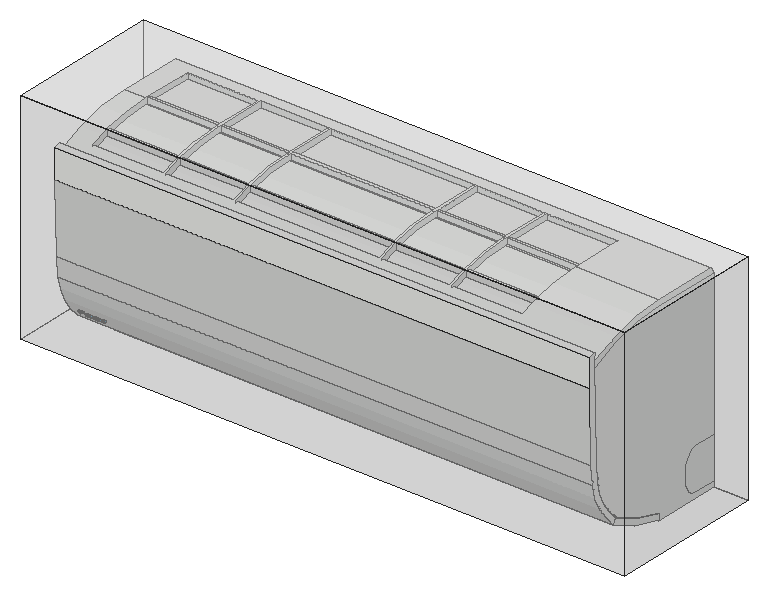
Revit family "outputfile", category 機械設備, Revit 2024
Family settings
  丸型コネクタ寸法 = 半径を使用
  パーツ タイプ = 標準
  OmniClass 番号 = 23.75.10.24.21.27.27
  OmniClass タイトル = Split System Air Conditioning Units
  作業面ベース = いいえ
  常に垂直 = はい
  ロード時にボイドで切り取り = いいえ
  注釈の向きを維持 = いいえ
  共有 = いいえ
  部屋計算ポイント = いいえ
Parameters (values of type "FTKQ15UVM4")
  Description = ""
  書き出し IFC クラス(タイプ) = "IfcUnitaryEquipmentType"
  定義済み IFC タイプ(タイプ) = "AIRCONDITIONINGUNIT"
  Cost = 0
  Type Comments = ""
  Keynote = ""
  Type Image = (empty or 0)
  Assembly Code = ""
  w_wall hole = if(Width = 770.0 mm, 48.0 mm, 60.0 mm)  # 48.0 mm
  製造元 = "Daikin"
  モデル = "FTKQ15UVM4"
  switch_frequency = yes
  r_Liquid Pipe Size = Liquid Pipe Size / 2  # 3.2 mm
  r_Gas Pipe Size = Gas Pipe Size / 2  # 4.75 mm
  r_Drain Pipe Size = Drain Pipe Size / 2  # 8.0 mm
  lw_powersupply [instance] = if(Width = 770.0 mm, if(or(Rear Right Connection_refrigerant, Bottom Right Connection_refrigerant), 25.0 mm, if(or(Rear Left Connection_refrigerant, Bottom Left Connection_refrigerant), 745.0 mm, 400.0 mm)), if(Width = 990.0 mm, if(or(Rear Right Connection_refrigerant, Bottom Right Connection_refrigerant), 40.0 mm, if(or(Rear Left Connection_refrigerant, Bottom Left Connection_refrigerant), 920.0 mm, 400.0 mm)), if(or(Rear Right Connection_refrigerant, Bottom Right Connection_refrigerant), 40.0 mm, if(or(Rear Left Connection_refrigerant, Bottom Left Connection_refrigerant), 920.0 mm, 400.0 mm))))  # 400.0 mm
  lw_liquidpipe [instance] = if(Width = 770.0 mm, if(or(Rear Right Connection_refrigerant, Bottom Right Connection_refrigerant), 0.0 mm, if(or(Rear Left Connection_refrigerant, Bottom Left Connection_refrigerant), 664.0 mm, 385.0 mm)), if(Width = 990.0 mm, if(or(Rear Right Connection_refrigerant, Bottom Right Connection_refrigerant), 0.0 mm, if(or(Rear Left Connection_refrigerant, Bottom Left Connection_refrigerant), 664.0 mm + (990.0 mm - 770.0 mm), 475.0 mm)), if(or(Rear Right Connection_refrigerant, Bottom Right Connection_refrigerant), 0.0 mm, if(or(Rear Left Connection_refrigerant, Bottom Left Connection_refrigerant), 664.0 mm + (990.0 mm - 770.0 mm), 475.0 mm))))  # 385.0 mm
  lw_gaspipe [instance] = if(Width = 770.0 mm, if(or(Rear Right Connection_refrigerant, Bottom Right Connection_refrigerant), 0.0 mm, if(or(Rear Left Connection_refrigerant, Bottom Left Connection_refrigerant), 675.0 mm, if(Gas Pipe Size = 12.7 mm, 345.0 mm, 335.0 mm))), if(Width = 990.0 mm, if(or(Rear Right Connection_refrigerant, Bottom Right Connection_refrigerant), 10.0 mm, if(or(Rear Left Connection_refrigerant, Bottom Left Connection_refrigerant), 890.0 mm, if(Gas Pipe Size = 15.9 mm, 400.0 mm, 400.0 mm))), if(or(Rear Right Connection_refrigerant, Bottom Right Connection_refrigerant), 10.0 mm, if(or(Rear Left Connection_refrigerant, Bottom Left Connection_refrigerant), 890.0 mm, if(Gas Pipe Size = 15.9 mm, 400.0 mm, 400.0 mm)))))  # 335.0 mm
  lw_drainpipe [instance] = if(Width = 770.0 mm, if(or(Rear Right Connection_refrigerant, Bottom Right Connection_refrigerant), 0.0 mm, if(or(Rear Left Connection_refrigerant, Bottom Left Connection_refrigerant), 770.0 mm - 48.0 mm - 48.0 mm, 440.0 mm)), if(Width = 990.0 mm, if(or(Rear Right Connection_refrigerant, Bottom Right Connection_refrigerant), 0.0 mm, if(or(Rear Left Connection_refrigerant, Bottom Left Connection_refrigerant), 675.0 mm + (990.0 mm - 770.0 mm), 435.0 mm)), if(or(Rear Right Connection_refrigerant, Bottom Right Connection_refrigerant), 0.0 mm, if(or(Rear Left Connection_refrigerant, Bottom Left Connection_refrigerant), 675.0 mm + (990.0 mm - 770.0 mm), 435.0 mm))))  # 440.0 mm
  l_powersupply_length [instance] = if(Width = 770.0 mm, if(Right Connection_refrigerant, 400.0 mm, if(Left Connection_refrigerant, 770.0 mm - 400.0 mm, if(or(Rear Left Connection_refrigerant, Rear Right Connection_refrigerant), 15.0 mm, 50.0 mm))), if(Width = 990.0 mm, if(Right Connection_refrigerant, 400.0 mm, if(Left Connection_refrigerant, 990.0 mm - 400.0 mm, if(or(Rear Left Connection_refrigerant, Rear Right Connection_refrigerant), 15.0 mm, 50.0 mm))), if(Right Connection_refrigerant, 400.0 mm, if(Left Connection_refrigerant, 990.0 mm - 400.0 mm, if(or(Rear Left Connection_refrigerant, Rear Right Connection_refrigerant), 15.0 mm, 50.0 mm)))))  # 400.0 mm
  l_liquidpipe_length [instance] = if(Width = 770.0 mm, if(Right Connection_refrigerant, 433.0 mm, if(Left Connection_refrigerant, 337.0 mm, if(or(Rear Left Connection_refrigerant, Rear Right Connection_refrigerant), 30.0 mm, 50.0 mm))), if(Width = 990.0 mm, if(Right Connection_refrigerant, 535.0 mm, if(Left Connection_refrigerant, 455.0 mm, if(or(Rear Left Connection_refrigerant, Rear Right Connection_refrigerant), 30.0 mm, 50.0 mm))), if(Right Connection_refrigerant, 535.0 mm, if(Left Connection_refrigerant, 455.0 mm, if(or(Rear Left Connection_refrigerant, Rear Right Connection_refrigerant), 30.0 mm, 50.0 mm)))))  # 433.0 mm
  l_gaspipe_length [instance] = if(Width = 770.0 mm, if(Right Connection_refrigerant, if(Gas Pipe Size = 12.7 mm, 393.0 mm, 383.0 mm), if(Left Connection_refrigerant, if(Gas Pipe Size = 12.7 mm, 770.0 mm - 393.0 mm, 770.0 mm - 383.0 mm), if(or(Rear Left Connection_refrigerant, Rear Right Connection_refrigerant), 40.0 mm, 40.0 mm))), if(Width = 990.0 mm, if(Right Connection_refrigerant, if(Gas Pipe Size = 15.9 mm, 460.0 mm, 460.0 mm), if(Left Connection_refrigerant, if(Gas Pipe Size = 15.9 mm, 990.0 mm - 460.0 mm, 990.0 mm - 460.0 mm), if(or(Rear Left Connection_refrigerant, Rear Right Connection_refrigerant), 40.0 mm, 40.0 mm))), if(Right Connection_refrigerant, if(Gas Pipe Size = 15.9 mm, 460.0 mm, 460.0 mm), if(Left Connection_refrigerant, if(Gas Pipe Size = 15.9 mm, 990.0 mm - 460.0 mm, 990.0 mm - 460.0 mm), if(or(Rear Left Connection_refrigerant, Rear Right Connection_refrigerant), 40.0 mm, 40.0 mm)))))  # 383.0 mm
  l_drainpipe_length [instance] = if(Width = 770.0 mm, if(Right Connection_refrigerant, 488.0 mm, if(Left Connection_refrigerant, 282.0 mm, if(or(Rear Left Connection_refrigerant, Rear Right Connection_refrigerant), 15.0 mm, 20.0 mm))), if(Width = 990.0 mm, if(Right Connection_refrigerant, 495.0 mm, if(Left Connection_refrigerant, 495.0 mm, if(or(Rear Left Connection_refrigerant, Rear Right Connection_refrigerant), 15.0 mm, 20.0 mm))), if(Right Connection_refrigerant, 495.0 mm, if(Left Connection_refrigerant, 495.0 mm, if(or(Rear Left Connection_refrigerant, Rear Right Connection_refrigerant), 15.0 mm, 20.0 mm)))))  # 488.0 mm
  h*** = 0.0 mm  # constant formula
  connector_voltage = Voltage_50Hz  # 230 V
  connector_powerinput = [Power Input (Cooling)]  # 0.000 kW
  connector_phase = Phase_50Hz  # 1
  angle_vertical [instance] = if(or(Bottom Left Connection_refrigerant, Bottom Right Connection_refrigerant), 0.00°, 90.00°)  # 90.00°
  angle_horizontal [instance] = if(Right Connection_refrigerant, 90.00°, if(Left Connection_refrigerant, -90.00°, if(or(Rear Left Connection_refrigerant, Rear Right Connection_refrigerant), 180.00°, 0.00°)))  # 90.00°
  Width = 770.0 mm
  Voltage_comment_50Hz = "220 - 240"
  Voltage_50Hz = 230 V
  Version = "ver.1.0"
  Unit Type = "Wall Mounted"
  Unit Mass Weight = 8.00 kg
  Unit Designation [instance] = ""
  Uniclass2015Version = "Products v1.30"
  Uniclass2015Title = "Split coil room air conditioning units"
  Uniclass2015Code = "Pr_70_65_03_86"
  URL = ""
  Total Cooling Capacity [instance] = 0.000 kW
  Sound Pressure Level_M speed (dBA) = 32
  Sound Pressure Level_L speed (dBA) = 27
  Sound Pressure Level_H speed (dBA) = 36
  Sound Power Level_H speed (dB) = 0
  Series = "Single Split_Fan Coil Unit"
  Sensible Cooling Capacity [instance] = 0.000 kW
  Refrigerant Type = "R32"
  Power Input (Cooling) = 0.000 kW
  Phase_50Hz = 1
  Option Accessory 3 [instance] = ""
  Option Accessory 2 [instance] = ""
  Option Accessory 1 [instance] = ""
  Nominal Cooling Capacity = 1.500 kW
  Minimum Circuit Amps_50Hz = 0.0 A
  Minimum Airflow = 426.00 m³/h
  Median Airflow = 504.00 m³/h
  Maximum Fuse Amps_50Hz = 0.0 A
  Maximum Airflow = 594.00 m³/h
  Material_Casing = DAIKIN_White_Casing_indoorunit
  Load Classification = HVAC
  Liquid Pipe Size = 6.4 mm
  Link_Nested Family [instance] = ""
  IfcVersion = ""
  IfcExportType = "AIRCONDITIONINGUNIT"
  IfcExportAs = "IfcUnitaryEquipmentType"
  Height = 285.0 mm
  Heat Exchanger Type = "Cross Fin Coil"
  Gas Pipe Size = 9.5 mm
  Frequency_50Hz = 50 Hz
  Fan Type = "Cross Flow Fan"
  Fan Drive = "Direct Drive"
  FCU Tag No. [instance] = ""
  Drain Pipe Size = 16.0 mm
  Design Supply Airflow [instance] = 0.00 m³/h
  Depth = 223.0 mm
  既定の高さ = 0.0 mm
  Cooling Entering Wet Bulb Temperature [instance] = 0.00 °C
  Cooling Entering Dry Bulb Temperature [instance] = 0.00 °C
  Cooling Ambient Wet Bulb Temperature [instance] = 0.00 °C
  Cooling Ambient Dry Bulb Temperature [instance] = 0.00 °C
  Clearance visibility [instance] = yes
  Clearance Top = 30.0 mm
  Clearance Right = 50.0 mm
  Clearance Rear = 0.0 mm
  Clearance Left = 50.0 mm
  Clearance Front = 0.0 mm
  Clearance Bottom = 0.0 mm
  Bottom Right Connection_refrigerant [instance] = no
  Bottom Left Connection_refrigerant [instance] = no
  Rear Right Connection_refrigerant [instance] = no
  Rear Left Connection_refrigerant [instance] = no
  Right Connection_refrigerant [instance] = yes
  Left Connection_refrigerant [instance] = no
Reference planes
  plane 1 "Back": y = 0
  plane 2: z = 0
  plane 3 "Center (Left/Right)": x = 0
  plane 4 "Center (Front/Back)": y = -111.5
  plane 5 "Front": y = -223
  plane 6 "Left": x = -385
  plane 7 "Right": x = 385
  plane 8 "Top": z = 0
  plane 9 "Bottom": z = -285
  plane 10: x = -435
  plane 11: x = 435
  plane 12: y = 0
  plane 13: y = -223
  plane 14: z = 30
  plane 15: z = -285
  plane 16 "lw_Piping and Wiring intake": x = 337
  plane 17 "lw_gaspipe": x = 2
  plane 18 "lw_liquidpipe": x = -48
  plane 19 "lw_drainpipe": x = -103
  plane 20 "lh_drainpipe": z = -265
  plane 21 "lh_liquidpipe": z = -235
  plane 22 "lh_gaspipe": z = -245
  plane 23 "ld_drainpipe": y = -15
  plane 24 "ld_liquidpipe": y = -30
  plane 25 "ld_gaspipe": y = -40
  plane 26 "lw_powersupply": x = -15
Dimensions and locks
  equal spacing: plane 6 "Left", plane 3 "Center (Left/Right)", plane 7 "Right"
  "Width": plane 6 "Left" to plane 7 "Right"
  equal spacing: plane 5 "Front", plane 4 "Center (Front/Back)", plane 1 "Back"
  "Depth": plane 5 "Front" to plane 1 "Back"
  "Height": plane 8 "Top" to plane 9 "Bottom"
  "Clearance Rear": plane 12 to plane 1 "Back"
  "Clearance Front": plane 13 to plane 5 "Front"
  "Clearance Top": plane 14 to plane 8 "Top"
  "Clearance Bottom": plane 9 "Bottom" to plane 15
  "w_wall hole": plane 16 "lw_Piping and Wiring intake" to plane 7 "Right"
  "lw_gaspipe": plane 17 "lw_gaspipe" to plane 16 "lw_Piping and Wiring intake"
  "lw_liquidpipe": plane 18 "lw_liquidpipe" to plane 16 "lw_Piping and Wiring intake"
  "lw_drainpipe": plane 19 "lw_drainpipe" to plane 16 "lw_Piping and Wiring intake"
  locked: plane 20 "lh_drainpipe" to plane 9 "Bottom" at 20
  locked: plane 21 "lh_liquidpipe" to plane 9 "Bottom" at 50
  locked: plane 22 "lh_gaspipe" to plane 9 "Bottom" at 40
  locked: plane 23 "ld_drainpipe" to plane 1 "Back" at 15
  locked: plane 1 "Back" to plane 24 "ld_liquidpipe" at 30
  locked: plane 1 "Back" to plane 25 "ld_gaspipe" at 40
  "lw_powersupply": plane 26 "lw_powersupply" to plane 7 "Right"
  "Clearance Left": plane 10 to plane 6 "Left"
  "Clearance Right": plane 7 "Right" to plane 11
  aligned and locked: level to plane 2
  aligned and locked: plane 12 to nested 1
  aligned and locked: nested 1 to plane 13
  aligned and locked: plane 10 to nested 1
  aligned and locked: plane 11 to nested 1
  aligned and locked: plane 15 to nested 1
  aligned and locked: plane 14 to nested 1
  aligned and locked: plane 17 "lw_gaspipe" to nested 2
  aligned and locked: nested 2 to plane 25 "ld_gaspipe"
  aligned and locked: plane 18 "lw_liquidpipe" to nested 3
  aligned and locked: nested 3 to plane 24 "ld_liquidpipe"
  aligned and locked: plane 19 "lw_drainpipe" to nested 4
  aligned and locked: nested 4 to plane 23 "ld_drainpipe"
  aligned and locked: nested 5 to plane 23 "ld_drainpipe"
  aligned and locked: plane 26 "lw_powersupply" to nested 5
  aligned and locked: level to plane 8 "Top"
  aligned and locked: plane 3 "Center (Left/Right)" to nested 6
  aligned and locked: plane 1 "Back" to nested 6
  aligned and locked: plane 8 "Top" to nested 6
Nested families
  nested 1: "daikin_clearancespace" at (0, -111.5, -127.381), show <- "Clearance visibility", visible <- "Clearance visibility", Link_Nested Family <- "Link_Nested Family", type "daikin_clearancespace"
    with width 870.0 mm, show yes, height 315.0 mm, depth 223.0 mm, Link_Nested Family ""
  nested 2: "daikin_connector_rotate3" at (2, -40, -245), angle_vertical <- "angle_vertical", angle_horizontal <- "angle_horizontal", length <- "l_gaspipe_length", radius <- "r_Gas Pipe Size", type "daikin_connector_rotate3"
    with show no, radius 4.75 mm, length 383.0 mm, angle_vertical 90.00°, angle_horizontal 90.00°
  nested 3: "daikin_connector_rotate3" at (-48, -30, -235), angle_vertical <- "angle_vertical", angle_horizontal <- "angle_horizontal", radius <- "r_Liquid Pipe Size", length <- "l_liquidpipe_length", type "daikin_connector_rotate3"
    with show no, radius 3.2 mm, length 433.0 mm, angle_vertical 90.00°, angle_horizontal 90.00°
  nested 4: "daikin_connector_rotate3" at (-103, -15, -265), angle_vertical <- "angle_vertical", angle_horizontal <- "angle_horizontal", length <- "l_drainpipe_length", radius <- "r_Drain Pipe Size", type "daikin_connector_rotate3"
    with show no, radius 8.0 mm, length 488.0 mm, angle_vertical 90.00°, angle_horizontal 90.00°
  nested 5: "daikin_connector_rotate3" at (-15, -15, -235), angle_vertical <- "angle_vertical", angle_horizontal <- "angle_horizontal", length <- "l_powersupply_length", type "daikin_connector_rotate3"
    with show no, radius 10.0 mm, length 400.0 mm, angle_vertical 90.00°, angle_horizontal 90.00°
  nested 6: "DAIKIN_indoorunit_FTKQ-UVM4" at (-31, 0, 0), type "FTKQ-UVM4"
Connectors
  piping at (385, -40, -245), diameter 9.5, driven by "r_Gas Pipe Size"
    settings: on nested 2, index 1, connector inside diameter 609.6 mm, connector length 0.0 mm, flow factor 0, pipe flow 0.00 m³/h, pressure drop 0.0 Pa, fitting loss kfactor 0, connector angle 0.00°, fixture units 0, engagement length 0.0 mm, angle of deflection 0.00°, flow configuration 1, flow direction 2, fitting loss method 0, system type 29, joint type 0, gender type 0, connector reference index -1, connector utility 0, adjustable connector no, is connector primary yes, connector description "Refrigerant Gas Piping"
  piping at (385, -30, -235), diameter 6.4, driven by "r_Liquid Pipe Size"
    settings: on nested 3, index 2, connector inside diameter 609.6 mm, connector length 0.0 mm, flow factor 0, pipe flow 0.00 m³/h, pressure drop 0.0 Pa, fitting loss kfactor 0, connector angle 0.00°, fixture units 0, engagement length 0.0 mm, angle of deflection 0.00°, flow configuration 1, flow direction 1, fitting loss method 0, system type 29, joint type 0, gender type 0, connector reference index -1, connector utility 0, adjustable connector no, is connector primary no, connector description "Refrigerant Liquid Piping"
  piping at (385, -15, -265), diameter 16, driven by "r_Drain Pipe Size"
    settings: on nested 4, index 3, connector inside diameter 609.6 mm, connector length 0.0 mm, flow factor 0, pipe flow 0.00 m³/h, pressure drop 0.0 Pa, fitting loss kfactor 0, connector angle 0.00°, fixture units 0, engagement length 0.0 mm, angle of deflection 0.00°, flow configuration 1, flow direction 2, fitting loss method 4, system type 16, joint type 0, gender type 0, connector reference index -1, connector utility 0, adjustable connector no, is connector primary no, connector description "Condensate Drain Piping"
  electrical at (385, -15, -235), driven by "Load Classification", driven by "connector_powerinput", driven by "connector_phase", driven by "connector_voltage"
    settings: on nested 5, index 4, voltage 230 V, apparent load 0 VA, apparent load phase1 0 VA, apparent load phase2 0 VA, apparent load phase3 0 VA, power factor 1, load classification "HVAC", number of poles 1, system type 30, power factor state 1, is connector primary yes, connector utility no, sub classification motor no, connector description "Power Supply"
Definition of nested family "daikin_clearancespace"
  Parameters (values of type "daikin_clearancespace")
    Description = "daikin_clearancespace"
    width [instance] = 1823.963 mm
    show [instance] = yes
    material = none
    height [instance] = 1359.762 mm
    depth [instance] = 880.0 mm
    Default Elevation = 0.0 mm
    Link_Nested Family [instance] = ""
  Reference planes
    plane 1 "Center (Front/Back)": y = 0
    plane 2 "Center (Elevation)": z = -0.119
    plane 3 "Center (Left/Right)": x = 0
    plane 4: y = 440
    plane 5: y = -440
    plane 6 "Right": x = 911.982
    plane 7 "Left": x = -911.982
    plane 8 "Top": z = 679.762
    plane 9 "Bottom": z = -680
  Forms (mm)
    Extrusion 1, solid, material <- "material", visible <- "show"
      sketch origin (0, 0, 0) x (1, 0, 0) y (0, 1, 0)
        loop
          line (-911.982, 440) -> (-911.982, -440) -> (911.982, -440) -> (911.982, 440) -> (-911.982, 440)
      from -680 to 679.762
  Lines and regions (mm)
    symbolic lines, visible <- "show"
      curve 1: line (911.982, 440, 0) -> (-911.982, 440, 0)
      curve 2: line (-911.982, 440, 0) -> (-911.982, -440, 0)
      curve 3: line (-911.982, -440, 0) -> (911.982, -440, 0)
      curve 4: line (911.982, -440, 0) -> (911.982, 440, 0)
      curve 5: line (911.982, 0, 679.762) -> (-911.982, 0, 679.762)
      curve 6: line (911.982, 0, -680) -> (911.982, 0, 679.762)
      curve 7: line (-911.982, 0, -680) -> (911.982, 0, -680)
      curve 8: line (-911.982, 0, 679.762) -> (-911.982, 0, -680)
      curve 9: line (0, 440, 679.762) -> (0, -440, 679.762)
      curve 10: line (0, -440, 679.762) -> (0, -440, -680)
      curve 11: line (0, 440, -680) -> (0, 440, 679.762)
      curve 12: line (0, -440, -680) -> (0, 440, -680)
  Dimensions and locks
    "width": plane 7 "Left" to plane 6 "Right"
    "depth": plane 4 to plane 5
    "height": plane 8 "Top" to plane 9 "Bottom"
    equal spacing: plane 7 "Left", plane 3 "Center (Left/Right)", plane 6 "Right"
    equal spacing: plane 4, plane 1 "Center (Front/Back)", plane 5
    equal spacing: plane 8 "Top", plane 2 "Center (Elevation)", plane 9 "Bottom"
    aligned and locked: level to plane 2 "Center (Elevation)"
    aligned and locked: Extrusion 1 sketch curve to plane 4
    aligned and locked: plane 7 "Left" to Extrusion 1 sketch curve
    aligned and locked: Extrusion 1 sketch curve to plane 5
    aligned and locked: Extrusion 1 sketch curve to plane 6 "Right"
    aligned and locked: plane 8 "Top" to Extrusion 1
    aligned and locked: curve 1 to Extrusion 1
    aligned and locked: curve 2 to Extrusion 1
    aligned and locked: curve 3 to Extrusion 1
    aligned and locked: curve 4 to Extrusion 1
    aligned and locked: curve 5 to Extrusion 1
    aligned and locked: curve 6 to Extrusion 1
    aligned and locked: curve 7 to Extrusion 1
    aligned and locked: curve 8 to Extrusion 1
    aligned and locked: curve 9 to Extrusion 1
    aligned and locked: curve 10 to Extrusion 1
    aligned and locked: curve 11 to Extrusion 1
    aligned and locked: curve 12 to Extrusion 1
    aligned and locked: Extrusion 1 to plane 9 "Bottom"
Definition of nested family "DAIKIN_indoorunit_FTKQ-UVM4"
  Parameters (values of type "FTKQ-UVM4")
    Material_Casing = none
    Default Elevation = 0.0 mm
  Reference planes
    plane 1 "Center (Front/Back)": y = 0
    plane 2 "reference_level": z = 0
    plane 3 "Center (Left/Right)": x = 31
    plane 4: x = -354
    plane 5: x = 416
    plane 6: z = -285
  Forms (mm)
    Extrusion 1, solid, material <- "Material_Casing"
      sketch origin (29, 0, 0) x (0, 1, 0) y (0, 0, 1)
        loop
          line (-5, 0) -> (-98, 0)
          arc (-98, 0) -> (-157.611, -7.211) -> (-213.783, -28.427) r 250
          arc (-213.783, -28.427) -> (-213.842, -32.972) -> (-213.892, -37.516) r 2191
          arc (-213.892, -37.516) -> (-157.832, -15.495) -> (-98.07, -8) r 242
          line (-98.07, -8) -> (0, -8) -> (-5, 0)
      from -383 to 387
    Extrusion 2, solid, material <- "Material_Casing"
      sketch origin (416, 1296.25, 1200) x (0, 1, 0) y (0, 0, 1)
        loop
          line (-1472.998, -1446.91) -> (-1476.998, -1453.839)
          arc (-1476.998, -1453.839) -> (-1437.481, -1472.422) -> (-1395.25, -1483.538) r 240
          line (-1395.25, -1483.538) -> (-1395.25, -1475.422)
          arc (-1395.25, -1475.422) -> (-1435.407, -1464.663) -> (-1472.998, -1446.91) r 232
      from 0 to -47.5
    Extrusion 3, solid, material <- "Material_Casing"
      sketch origin (29, 0, 0) x (0, 1, 0) y (0, 0, 1)
        loop
          arc (-223, -60.455) -> (-222.414, -110.646) -> (-220.656, -160.81) r 2149.92
          arc (-220.656, -160.81) -> (-219.65, -174.299) -> (-217.853, -187.706) r 229.911
          arc (-217.853, -187.706) -> (-205.371, -223.594) -> (-181.517, -253.17) r 111
          line (-181.517, -253.17) -> (-177.429, -246.093)
          arc (-177.429, -246.093) -> (-198.77, -218.989) -> (-209.965, -186.36) r 103
          arc (-209.965, -186.36) -> (-211.681, -173.586) -> (-212.651, -160.735) r 221.844
          arc (-212.651, -160.735) -> (-214.739, -93.233) -> (-214.74, -25.699) r 2186.828
          arc (-214.74, -25.699) -> (-214.671, -21.467) -> (-214.594, -17.235) r 2192
          line (-214.594, -17.235) -> (-223, -19.961) -> (-223, -60.455)
      from -383 to 387
    Extrusion 4, solid, material <- "Material_Casing"
      sketch origin (29, 0, -20) x (0, 1, 0) y (0, 0, 1)
        loop
          line (0, -265) -> (0, 12) -> (-98.07, 12)
          arc (-98.07, 12) -> (-157.832, 4.505) -> (-213.892, -17.516) r 242
          arc (-213.892, -17.516) -> (-213.638, -79.114) -> (-211.653, -140.681) r 2191
          arc (-211.653, -140.681) -> (-210.685, -153.501) -> (-208.973, -166.243) r 221
          arc (-208.973, -166.243) -> (-197.471, -199.282) -> (-175.482, -226.491) r 102
          arc (-175.482, -226.491) -> (-138.004, -244.019) -> (-98, -254.579) r 231
          line (-98, -254.579) -> (-98, -265) -> (0, -265)
      from -383 to 387
    Extrusion 5, solid, material <- "Material_Casing"
      sketch origin (-354, 1296.25, 1200) x (0, 1, 0) y (0, 0, 1)
        loop
          line (-1472.998, -1446.91) -> (-1476.998, -1453.839)
          arc (-1476.998, -1453.839) -> (-1437.481, -1472.422) -> (-1395.25, -1483.538) r 240
          line (-1395.25, -1483.538) -> (-1395.25, -1475.422)
          arc (-1395.25, -1475.422) -> (-1435.407, -1464.663) -> (-1472.998, -1446.91) r 232
      from 47 to 0
    Extrusion 6, solid, material <- "Material_Casing"
      sketch origin (416, 1296.25, 1200) x (0, 1, 0) y (0, 0, 1)
        loop
          line (-1472.998, -1446.91) -> (-1476.998, -1453.839)
          arc (-1476.998, -1453.839) -> (-1443.437, -1470.168) -> (-1407.75, -1481.097) r 240
          line (-1407.75, -1481.097) -> (-1407.75, -1472.894)
          arc (-1407.75, -1472.894) -> (-1441.363, -1462.385) -> (-1472.998, -1446.91) r 232
      from -116.993 to -48.493
    Extrusion 7, solid, material <- "Material_Casing"
      sketch origin (416, 1296.25, 1200) x (0, 1, 0) y (0, 0, 1)
        loop
          line (-1472.998, -1446.91) -> (-1476.998, -1453.839)
          arc (-1476.998, -1453.839) -> (-1443.437, -1470.168) -> (-1407.75, -1481.097) r 240
          line (-1407.75, -1481.097) -> (-1407.75, -1472.894)
          arc (-1407.75, -1472.894) -> (-1441.363, -1462.385) -> (-1472.998, -1446.91) r 232
      from -717 to -121.993
    Extrusion 8, void
      sketch origin (31, 0, -235) x (1, 0, 0) y (0, 1, 0)
        loop
          line (-252.674, -22.316) -> (-354.941, -22.316) -> (-354.941, -91.341) -> (-252.674, -91.341) -> (-252.674, -22.316)
        loop
          line (-249.341, -91.341) -> (-151.574, -91.341) -> (-151.574, -22.316) -> (-249.341, -22.316) -> (-249.341, -91.341)
        loop
          line (58.309, -22.316) -> (-148.309, -22.316) -> (-148.309, -91.341) -> (58.309, -91.341) -> (58.309, -22.316)
        loop
          line (61.689, -22.316) -> (61.689, -91.341) -> (159.457, -91.341) -> (159.457, -22.316) -> (61.689, -22.316)
        loop
          line (162.789, -22.316) -> (162.789, -91.341) -> (265.057, -91.341) -> (265.057, -22.316) -> (162.789, -22.316)
        loop
          line (-354.941, -94.659) -> (-354.941, -165.259) -> (-252.674, -165.259) -> (-252.674, -94.659) -> (-354.941, -94.659)
        loop
          line (-249.341, -94.659) -> (-249.341, -165.259) -> (-151.574, -165.259) -> (-151.574, -94.659) -> (-249.341, -94.659)
        loop
          line (-148.309, -94.659) -> (-148.309, -165.259) -> (58.309, -165.259) -> (58.309, -94.659) -> (-148.309, -94.659)
        loop
          line (61.689, -94.659) -> (61.689, -165.259) -> (159.457, -165.259) -> (159.457, -94.659) -> (61.689, -94.659)
        loop
          line (162.789, -94.659) -> (162.789, -165.259) -> (265.057, -165.259) -> (265.057, -94.659) -> (162.789, -94.659)
        loop
          line (-354.941, -167.382) -> (-354.941, -192.681) -> (-252.674, -192.681) -> (-252.674, -167.382) -> (-354.941, -167.382)
        loop
          line (-249.341, -167.382) -> (-249.341, -192.681) -> (-151.574, -192.681) -> (-151.574, -167.382) -> (-249.341, -167.382)
        loop
          line (-148.309, -167.382) -> (-148.309, -192.681) -> (58.309, -192.681) -> (58.309, -167.382) -> (-148.309, -167.382)
        loop
          line (159.457, -167.382) -> (61.689, -167.382) -> (61.689, -192.681) -> (159.457, -192.681) -> (159.457, -167.382)
        loop
          line (265.057, -167.382) -> (162.789, -167.382) -> (162.789, -192.681) -> (265.057, -192.681) -> (265.057, -167.382)
      from 201.638 to 250
    Extrusion 9, solid, material <- "Material_Casing"
      sketch origin (31, 0, 0) x (1, 0, 0) y (0, 0, 1)
        loop
          circle (337, -240.5) r 32.5
        loop
          circle (-337, -240.5) r 32.5
      from 0 to 5
    Extrusion 10, solid, material <- "Material_Casing"
      sketch origin (416, 1296.25, 1200) x (0, -1, 0) y (0, 0, 1)
        loop
          line (1326.25, -1417) -> (1296.25, -1417) -> (1296.25, -1477) -> (1326.25, -1477)
          arc (1326.25, -1477) -> (1340.393, -1471.142) -> (1346.25, -1457) r 20
          line (1346.25, -1457) -> (1346.25, -1437)
          arc (1346.25, -1437) -> (1340.393, -1422.858) -> (1326.25, -1417) r 20
      from 0 to 5
    Extrusion 11, solid, material <- "Material_Casing"
      sketch origin (-354, 1296.25, 1200) x (0, 1, 0) y (0, 0, 1)
        loop
          line (-1296.25, -1417) -> (-1326.25, -1417)
          arc (-1326.25, -1417) -> (-1340.393, -1422.858) -> (-1346.25, -1437) r 20
          line (-1346.25, -1437) -> (-1346.25, -1457)
          arc (-1346.25, -1457) -> (-1340.393, -1471.142) -> (-1326.25, -1477) r 20
          line (-1326.25, -1477) -> (-1296.25, -1477) -> (-1296.25, -1417)
      from 0 to 5
    Extrusion 12, solid, material <- "Material_Casing"
      sketch origin (31, 0, -285) x (-1, 0, 0) y (0, -1, 0)
        loop
          line (-314, 0) -> (-314, 30)
          arc (-314, 30) -> (-319.858, 44.142) -> (-334, 50) r 20
          line (-334, 50) -> (-354, 50)
          arc (-354, 50) -> (-368.142, 44.142) -> (-374, 30) r 20
          line (-374, 30) -> (-374, 0) -> (-314, 0)
        loop
          line (374, 0) -> (374, 30)
          arc (374, 30) -> (368.142, 44.142) -> (354, 50) r 20
          line (354, 50) -> (334, 50)
          arc (334, 50) -> (319.858, 44.142) -> (314, 30) r 20
          line (314, 30) -> (314, 0) -> (374, 0)
      from 0 to 5
  Cuts and joins
    Extrusion 8 cuts Extrusion 1
  Lines and regions (mm)
    reference lines
      curve 1: line (-523, -201.911, -229.404) -> (-523, -193.542, -239.977)
  Dimensions and locks
    locked: Extrusion 10 sketch curve to Extrusion 10 sketch curve at 60
    locked: Extrusion 10 sketch curve to Extrusion 10 sketch curve at 50
    locked: Extrusion 12 sketch curve to Extrusion 12 sketch curve at 60  (x2)
    locked: Extrusion 12 sketch curve to Extrusion 12 sketch curve at 50
    equal spacing: plane 5, plane 3 "Center (Left/Right)", plane 4
    plane 5 to plane 4 = 770.0 mm
    locked: Extrusion 9 sketch curve to plane 4 at 48
    plane 5 to Extrusion 9 sketch curve = 48.0 mm
    plane 2 "reference_level" to plane 6 = 285.0 mm
    locked: Extrusion 9 sketch curve to plane 6 at 44.5  (x2)
    diameter of Extrusion 9 sketch curve = 65.0 mm  (x2)
    aligned and locked: level to plane 2 "reference_level"
    aligned and locked: nested 1 to curve 1
    aligned and locked: Extrusion 11 sketch curve to Extrusion 10  (x4)
    aligned and locked: Extrusion 12 sketch curve to Extrusion 12 sketch curve  (x2)
    aligned and locked: Extrusion 9 to plane 1 "Center (Front/Back)"
  Automatic sketch dimensions
    curve 1 to level = 239.977 mm
    plane 1 "Center (Front/Back)" to curve 1 = 193.542 mm
    curve 1 to curve 1 = 10.573 mm
    curve 1 to curve 1 = 8.368 mm
    Extrusion 1 sketch curve to level = 0.0 mm
    Extrusion 1 sketch curve to plane 1 "Center (Front/Back)" = 0.0 mm
    plane 1 "Center (Front/Back)" to Extrusion 1 sketch curve = 5.0 mm
    plane 1 "Center (Front/Back)" to Extrusion 1 sketch curve = 98.0 mm
    Extrusion 1 sketch curve to Extrusion 1 sketch curve = 0.07 mm
    Extrusion 1 sketch curve to level = 59.292 mm
    Extrusion 1 sketch curve to plane 1 "Center (Front/Back)" = 1977.0 mm
    Extrusion 1 sketch curve to level = 250.0 mm
    Extrusion 1 sketch curve to Extrusion 1 sketch curve = 0.0 mm
    Extrusion 1 sketch curve to level = 8.0 mm
    Extrusion 1 sketch curve to level = 28.427 mm
    plane 1 "Center (Front/Back)" to Extrusion 2 sketch curve = 180.748 mm
    Extrusion 2 sketch curve to Extrusion 2 sketch curve = 4.0 mm
    Extrusion 2 sketch curve to Extrusion 2 sketch curve = 77.747 mm
    plane 1 "Center (Front/Back)" to Extrusion 2 sketch curve = 59.279 mm
    Extrusion 2 sketch curve to Extrusion 2 sketch curve = 0.0 mm
    Extrusion 2 sketch curve to level = 283.538 mm
    Extrusion 2 sketch curve to Extrusion 2 sketch curve = 8.116 mm
    Extrusion 2 sketch curve to Extrusion 2 sketch curve = 21.583 mm
    Extrusion 2 sketch curve to Extrusion 2 sketch curve = 6.929 mm
    Extrusion 3 sketch curve to level = 19.961 mm
    plane 1 "Center (Front/Back)" to Extrusion 3 sketch curve = 223.0 mm
    Extrusion 3 sketch curve to level = 17.235 mm
    Extrusion 3 sketch curve to Extrusion 3 sketch curve = 8.406 mm
    plane 1 "Center (Front/Back)" to Extrusion 3 sketch curve = 181.517 mm
    Extrusion 3 sketch curve to Extrusion 3 sketch curve = 4.087 mm
    Extrusion 3 sketch curve to Extrusion 3 sketch curve = 69.11 mm
    Extrusion 3 sketch curve to Extrusion 3 sketch curve = 0.001 mm
    Extrusion 3 sketch curve to plane 1 "Center (Front/Back)" = 8.955 mm
    Extrusion 3 sketch curve to Extrusion 3 sketch curve = 0.067 mm
    Extrusion 3 sketch curve to level = 60.455 mm
    Extrusion 3 sketch curve to Extrusion 3 sketch curve = 1917.898 mm
    Extrusion 3 sketch curve to Extrusion 3 sketch curve = 44.907 mm
    Extrusion 3 sketch curve to Extrusion 3 sketch curve = 5.172 mm
    Extrusion 3 sketch curve to level = 150.456 mm
    Extrusion 3 sketch curve to Extrusion 3 sketch curve = 0.006 mm
    Extrusion 3 sketch curve to Extrusion 3 sketch curve = 19.265 mm
    Extrusion 3 sketch curve to Extrusion 3 sketch curve = 0.004 mm
    Extrusion 3 sketch curve to Extrusion 3 sketch curve = 76.368 mm
    Extrusion 3 sketch curve to Extrusion 3 sketch curve = 7.077 mm
    Extrusion 3 sketch curve to Extrusion 3 sketch curve = 1.002 mm
    Extrusion 3 sketch curve to Extrusion 3 sketch curve = 0.046 mm
    Extrusion 3 sketch curve to Extrusion 3 sketch curve = 8.005 mm
    Extrusion 3 sketch curve to Extrusion 3 sketch curve = 0.147 mm
    Extrusion 3 sketch curve to Extrusion 3 sketch curve = 0.0 mm
    Extrusion 4 sketch curve to plane 1 "Center (Front/Back)" = 0.0 mm
    plane 1 "Center (Front/Back)" to Extrusion 4 sketch curve = 59.278 mm
    Extrusion 4 sketch curve to Extrusion 4 sketch curve = 98.0 mm
    Extrusion 4 sketch curve to Extrusion 4 sketch curve = 0.0 mm  (x3)
    Extrusion 4 sketch curve to level = 8.0 mm
    Extrusion 4 sketch curve to Extrusion 4 sketch curve = 38.791 mm
    Extrusion 4 sketch curve to Extrusion 4 sketch curve = 10.249 mm
    Extrusion 4 sketch curve to plane 1 "Center (Front/Back)" = 9.11 mm
    Extrusion 4 sketch curve to level = 59.292 mm
    Extrusion 4 sketch curve to Extrusion 4 sketch curve = 1967.89 mm
    Extrusion 4 sketch curve to Extrusion 4 sketch curve = 142.454 mm
    Extrusion 4 sketch curve to Extrusion 4 sketch curve = 19.271 mm
    Extrusion 4 sketch curve to Extrusion 4 sketch curve = 80.275 mm
    Extrusion 4 sketch curve to Extrusion 4 sketch curve = 24.579 mm
    Extrusion 4 sketch curve to Extrusion 4 sketch curve = 10.421 mm
    Extrusion 4 sketch curve to level = 46.847 mm
    Extrusion 4 sketch curve to Extrusion 4 sketch curve = 77.412 mm
    Extrusion 4 sketch curve to Extrusion 4 sketch curve = 33.49 mm
    Extrusion 4 sketch curve to Extrusion 4 sketch curve = 2.68 mm
    plane 1 "Center (Front/Back)" to Extrusion 5 sketch curve = 180.748 mm
    Extrusion 5 sketch curve to Extrusion 5 sketch curve = 4.0 mm
    Extrusion 5 sketch curve to Extrusion 5 sketch curve = 77.747 mm
    plane 1 "Center (Front/Back)" to Extrusion 5 sketch curve = 59.279 mm
    Extrusion 5 sketch curve to Extrusion 5 sketch curve = 0.0 mm
    Extrusion 5 sketch curve to level = 283.538 mm
    Extrusion 5 sketch curve to Extrusion 5 sketch curve = 8.116 mm
    Extrusion 5 sketch curve to Extrusion 5 sketch curve = 21.583 mm
    Extrusion 5 sketch curve to Extrusion 5 sketch curve = 6.929 mm
    plane 1 "Center (Front/Back)" to Extrusion 6 sketch curve = 180.748 mm
    Extrusion 6 sketch curve to Extrusion 6 sketch curve = 4.0 mm
    Extrusion 6 sketch curve to Extrusion 6 sketch curve = 65.247 mm
    plane 1 "Center (Front/Back)" to Extrusion 6 sketch curve = 59.279 mm
    Extrusion 6 sketch curve to Extrusion 6 sketch curve = 0.0 mm
    Extrusion 6 sketch curve to level = 281.097 mm
    Extrusion 6 sketch curve to Extrusion 6 sketch curve = 8.203 mm
    Extrusion 6 sketch curve to Extrusion 6 sketch curve = 19.055 mm
    Extrusion 6 sketch curve to Extrusion 6 sketch curve = 6.929 mm
    plane 1 "Center (Front/Back)" to Extrusion 7 sketch curve = 180.748 mm
    Extrusion 7 sketch curve to Extrusion 7 sketch curve = 4.0 mm
    Extrusion 7 sketch curve to Extrusion 7 sketch curve = 65.247 mm
    plane 1 "Center (Front/Back)" to Extrusion 7 sketch curve = 59.279 mm
    Extrusion 7 sketch curve to Extrusion 7 sketch curve = 0.0 mm
    Extrusion 7 sketch curve to level = 281.097 mm
    Extrusion 7 sketch curve to Extrusion 7 sketch curve = 8.203 mm
    Extrusion 7 sketch curve to Extrusion 7 sketch curve = 19.055 mm
    Extrusion 7 sketch curve to Extrusion 7 sketch curve = 6.929 mm
    plane 1 "Center (Front/Back)" to Extrusion 8 sketch curve = 165.259 mm  (x2)
    Extrusion 8 sketch curve to plane 3 "Center (Left/Right)" = 354.941 mm
    plane 1 "Center (Front/Back)" to Extrusion 8 sketch curve = 22.316 mm  (x3)
    Extrusion 8 sketch curve to Extrusion 8 sketch curve = 0.0 mm  (x26)
    Extrusion 8 sketch curve to Extrusion 8 sketch curve = 102.268 mm  (x2)
    Extrusion 8 sketch curve to Extrusion 8 sketch curve = 3.332 mm  (x4)
    Extrusion 8 sketch curve to Extrusion 8 sketch curve = 97.768 mm  (x2)
    Extrusion 8 sketch curve to Extrusion 8 sketch curve = 3.264 mm  (x3)
    plane 3 "Center (Left/Right)" to Extrusion 8 sketch curve = 58.309 mm
    Extrusion 8 sketch curve to Extrusion 8 sketch curve = 3.38 mm  (x3)
    Extrusion 8 sketch curve to Extrusion 8 sketch curve = 2.124 mm  (x6)
    Extrusion 8 sketch curve to Extrusion 8 sketch curve = 25.299 mm  (x2)
    Extrusion 8 sketch curve to Extrusion 8 sketch curve = 70.6 mm
    Extrusion 8 sketch curve to Extrusion 8 sketch curve = 3.317 mm  (x4)
    Extrusion 10 sketch curve to plane 1 "Center (Front/Back)" = 0.0 mm
    Extrusion 10 sketch curve to Extrusion 10 sketch curve = 20.0 mm  (x2)
    Extrusion 10 sketch curve to level = 277.0 mm
    plane 1 "Center (Front/Back)" to Extrusion 12 sketch curve = 0.0 mm
    plane 3 "Center (Left/Right)" to Extrusion 12 sketch curve = 374.0 mm
    Extrusion 12 sketch curve to Extrusion 12 sketch curve = 20.0 mm  (x3)
    plane 1 "Center (Front/Back)" to Extrusion 12 sketch curve = 30.0 mm
    Extrusion 12 sketch curve to plane 3 "Center (Left/Right)" = 314.0 mm
  Nested families
    nested 1: "daikin_logo_plane_w40" at (-320, -198.871, -233.244) x (1, 0, 0) z (0, -0.7841, -0.6206), type "daikin_logo_plane_w40"
      with show_logo yes
  Definition of nested family "daikin_logo_plane_w40"
    Parameters (values of type "daikin_logo_plane_w40")
      width = 40.0 mm
      show_logo [instance] = yes
      material = none
      height = 0.0 mm
      depth = 0.0 mm
      Default Elevation = 1219.2 mm
    Reference planes
      plane 1 "Center (Front/Back)": y = 0
      plane 2: z = 0
      plane 3 "Center (Left/Right)": x = 0
      plane 4: z = 2
      plane 5 "left": x = -19
      plane 6: x = 19
    Forms (mm)
      Extrusion 1, solid, visible <- "show_logo"
        sketch origin (-19, 0, 0) x (1, 0, 0) y (0, 1, 0)
          loop
            line (8.902, -1.878) -> (7.789, -6.332) -> (11.13, -6.332)
            arc (11.13, -6.332) -> (12.454, -6.064) -> (13.472, -5.176) r 2.642
            arc (13.472, -5.176) -> (13.92, -4.02) -> (13.767, -2.79) r 2.537
            arc (13.767, -2.79) -> (13.452, -2.342) -> (12.982, -2.06) r 1.321
            arc (12.982, -2.06) -> (12.063, -1.902) -> (11.13, -1.878) r 6.479
            line (11.13, -1.878) -> (8.902, -1.878)
          loop
            line (10.016, -5.441) -> (10.907, -5.441)
            arc (10.907, -5.441) -> (11.591, -4.983) -> (11.988, -4.261) r 1.742
            spline (11.988, -4.261) -> (12.01, -4.155) -> (12.027, -4.03) -> (12.037, -3.893) -> (12.037, -3.747) -> (12.026, -3.598) -> (12.002, -3.451) -> (11.962, -3.31) -> (11.905, -3.181) -> (11.829, -3.069) -> (11.731, -2.978) -> (11.61, -2.913) -> (11.464, -2.88)
            line (11.464, -2.88) -> (10.573, -2.88) -> (10.016, -5.441)
          loop
            line (13.58, -6.332) -> (14.805, -6.332) -> (15.223, -5.553) -> (16.977, -5.553) -> (17.144, -6.332) -> (19.149, -6.332) -> (18.258, -1.878) -> (16.03, -1.878) -> (13.58, -6.332)
          loop
            line (16.476, -3.214) -> (15.76, -4.551) -> (16.762, -4.551) -> (16.476, -3.214)
          loop
            line (19.705, -6.332) -> (21.599, -6.332) -> (22.712, -1.878) -> (20.819, -1.878) -> (19.705, -6.332)
          loop
            line (22.712, -6.332) -> (24.606, -6.332) -> (24.908, -5.122) -> (25.831, -6.332) -> (28.17, -6.332) -> (26.388, -3.994) -> (28.949, -1.878) -> (26.945, -1.878) -> (25.401, -3.153) -> (25.719, -1.878) -> (23.826, -1.878) -> (22.712, -6.332)
          loop
            line (29.84, -1.878) -> (28.615, -6.332) -> (30.62, -6.332) -> (31.734, -1.878) -> (29.84, -1.878)
          loop
            line (31.734, -6.332) -> (33.07, -6.332) -> (33.7, -3.814) -> (34.518, -6.332) -> (36.745, -6.332) -> (37.859, -1.878) -> (36.523, -1.878) -> (35.845, -4.589) -> (34.963, -1.878) -> (32.847, -1.878) -> (31.734, -6.332)
        from 0 to 2
      Extrusion 2, solid, visible <- "show_logo"
        sketch origin (-19, 0, 0) x (1, 0, 0) y (0, 1, 0)
          loop
            line (8.7, 0) -> (4.235, 0) -> (0, -3.879) -> (0, -8) -> (8.7, 0)
        from 0 to 2
      Extrusion 3, solid, visible <- "show_logo"
        sketch origin (-19, 0, 0) x (1, 0, 0) y (0, 1, 0)
          loop
            line (0, 0) -> (0, -3.879) -> (4.235, 0) -> (0, 0)
        from 0 to 2
    Dimensions and locks
      plane 4 to plane 2 = 2.0 mm
      equal spacing: plane 5 "left", plane 3 "Center (Left/Right)", plane 6
      locked: plane 5 "left" to plane 6 at 38
      aligned and locked: level to plane 2
      aligned and locked: Extrusion 3 to plane 1 "Center (Front/Back)"  (x2)
      aligned and locked: Extrusion 2 to plane 1 "Center (Front/Back)"  (x2)
      aligned and locked: plane 4 to Extrusion 1
      aligned and locked: plane 4 to Extrusion 3
      aligned and locked: plane 4 to Extrusion 2
      aligned and locked: Extrusion 3 to plane 5 "left"
      aligned and locked: Extrusion 2 to plane 5 "left"
    Automatic sketch dimensions
      Extrusion 1 sketch curve to Extrusion 1 sketch curve = 0.901 mm
      Extrusion 1 sketch curve to Extrusion 1 sketch curve = 1.559 mm
      Extrusion 1 sketch curve to Extrusion 1 sketch curve = 1.327 mm
      Extrusion 1 sketch curve to Extrusion 1 sketch curve = 2.145 mm
      Extrusion 1 sketch curve to Extrusion 1 sketch curve = 1.448 mm
      Extrusion 1 sketch curve to Extrusion 1 sketch curve = 2.116 mm
      Extrusion 1 sketch curve to Extrusion 1 sketch curve = 1.114 mm  (x4)
      Extrusion 1 sketch curve to Extrusion 1 sketch curve = 1.336 mm  (x2)
      plane 1 "Center (Front/Back)" to Extrusion 1 sketch curve = 1.878 mm  (x5)
      Extrusion 1 sketch curve to Extrusion 1 sketch curve = 1.893 mm  (x5)
      Extrusion 1 sketch curve to Extrusion 1 sketch curve = 0.891 mm  (x4)
      Extrusion 1 sketch curve to Extrusion 1 sketch curve = 2.005 mm  (x3)
      Extrusion 1 sketch curve to Extrusion 1 sketch curve = 0.445 mm  (x2)
      plane 1 "Center (Front/Back)" to Extrusion 1 sketch curve = 3.994 mm
      Extrusion 1 sketch curve to Extrusion 1 sketch curve = 0.557 mm  (x2)
      Extrusion 1 sketch curve to Extrusion 1 sketch curve = 2.339 mm  (x2)
      Extrusion 1 sketch curve to Extrusion 1 sketch curve = 1.225 mm  (x3)
      plane 1 "Center (Front/Back)" to Extrusion 1 sketch curve = 3.153 mm
      Extrusion 1 sketch curve to Extrusion 1 sketch curve = 0.987 mm
      plane 1 "Center (Front/Back)" to Extrusion 1 sketch curve = 5.122 mm
      Extrusion 1 sketch curve to Extrusion 1 sketch curve = 0.922 mm
      plane 1 "Center (Front/Back)" to Extrusion 1 sketch curve = 6.332 mm
      Extrusion 1 sketch curve to Extrusion 1 sketch curve = 2.562 mm
      plane 1 "Center (Front/Back)" to Extrusion 1 sketch curve = 5.553 mm
      Extrusion 1 sketch curve to Extrusion 1 sketch curve = 0.167 mm
      Extrusion 1 sketch curve to Extrusion 1 sketch curve = 0.215 mm
      plane 1 "Center (Front/Back)" to Extrusion 1 sketch curve = 3.214 mm
      Extrusion 1 sketch curve to Extrusion 1 sketch curve = 0.286 mm
      plane 1 "Center (Front/Back)" to Extrusion 1 sketch curve = 4.551 mm
      Extrusion 1 sketch curve to Extrusion 1 sketch curve = 1.002 mm
      Extrusion 1 sketch curve to Extrusion 1 sketch curve = 0.537 mm
      Extrusion 1 sketch curve to Extrusion 1 sketch curve = 0.418 mm
      Extrusion 1 sketch curve to Extrusion 1 sketch curve = 1.028 mm
      plane 1 "Center (Front/Back)" to Extrusion 1 sketch curve = 4.261 mm
      Extrusion 1 sketch curve to Extrusion 1 sketch curve = 0.563 mm
      plane 1 "Center (Front/Back)" to Extrusion 1 sketch curve = 2.88 mm
      Extrusion 1 sketch curve to Extrusion 1 sketch curve = 1.088 mm
      Extrusion 1 sketch curve to Extrusion 1 sketch curve = 2.152 mm
      Extrusion 1 sketch curve to Extrusion 1 sketch curve = 0.586 mm
      Extrusion 1 sketch curve to Extrusion 1 sketch curve = 0.118 mm
      Extrusion 1 sketch curve to Extrusion 1 sketch curve = 0.298 mm
      Extrusion 1 sketch curve to Extrusion 1 sketch curve = 0.334 mm
      Extrusion 1 sketch curve to Extrusion 1 sketch curve = 0.223 mm
      Extrusion 1 sketch curve to Extrusion 1 sketch curve = 0.266 mm
      Extrusion 1 sketch curve to Extrusion 1 sketch curve = 1.671 mm
      Extrusion 1 sketch curve to Extrusion 1 sketch curve = 2.227 mm
      Extrusion 1 sketch curve to Extrusion 1 sketch curve = 0.0 mm  (x7)
      Extrusion 1 sketch curve to Extrusion 1 sketch curve = 3.453 mm
      Extrusion 1 sketch curve to Extrusion 1 sketch curve = 2.017 mm
      Extrusion 1 sketch curve to Extrusion 1 sketch curve = 0.78 mm  (x2)
      Extrusion 1 sketch curve to Extrusion 1 sketch curve = 1.743 mm
      Extrusion 1 sketch curve to Extrusion 1 sketch curve = 0.775 mm
      Extrusion 1 sketch curve to Extrusion 1 sketch curve = 0.552 mm
      Extrusion 1 sketch curve to Extrusion 1 sketch curve = 0.014 mm
      Extrusion 1 sketch curve to Extrusion 1 sketch curve = 0.952 mm
      Extrusion 1 sketch curve to Extrusion 1 sketch curve = 1.215 mm
      Extrusion 1 sketch curve to Extrusion 1 sketch curve = 0.108 mm
      plane 1 "Center (Front/Back)" to Extrusion 2 sketch curve = 0.0 mm
      Extrusion 2 sketch curve to plane 3 "Center (Left/Right)" = 19.0 mm
      Extrusion 2 sketch curve to plane 3 "Center (Left/Right)" = 14.765 mm
      Extrusion 2 sketch curve to Extrusion 2 sketch curve = 4.465 mm
      plane 1 "Center (Front/Back)" to Extrusion 2 sketch curve = 3.879 mm
      Extrusion 2 sketch curve to Extrusion 2 sketch curve = 4.12 mm
      plane 1 "Center (Front/Back)" to Extrusion 3 sketch curve = 0.0 mm
      Extrusion 3 sketch curve to plane 3 "Center (Left/Right)" = 19.0 mm
      Extrusion 3 sketch curve to plane 3 "Center (Left/Right)" = 14.765 mm
      plane 1 "Center (Front/Back)" to Extrusion 3 sketch curve = 3.879 mm
      Extrusion 1 sketch curve to plane 3 "Center (Left/Right)" = 11.211 mm
      Extrusion 1 sketch curve to Extrusion 1 sketch curve = 1.782 mm
Definition of nested family "daikin_connector_rotate3"
  Parameters (values of type "daikin_connector_rotate3")
    show [instance] = yes
    radius [instance] = 10.0 mm
    length [instance] = 600.0 mm
    angle_horizontal [instance] = 60.00°
    angle_vertical [instance] = 90.00°
    Default Elevation = 1219.2 mm
  Reference planes
    plane 1 "Center (Front/Back)": y = 0
    plane 2: z = 0
    plane 3 "Center (Left/Right)": x = 0
  Dimensions and locks
    "angle_horizontal": angle plane 3 "Center (Left/Right)" to nested 1
    aligned and locked: level to plane 2
    aligned and locked: plane 1 "Center (Front/Back)" to nested 1  (x2)
    aligned and locked: plane 3 "Center (Left/Right)" to nested 1
  Nested families
    nested 1: "daikin_connector_rotate2" at (0, 0, 0) x (0.5, 0.866, 0) z (0, 0, 1), angle_vertical <- "angle_vertical", length <- "length", radius <- "radius", type "daikin_connector_rotate2"
      with radius 10.0 mm, length 600.0 mm, angle_vertical 90.00°
  Definition of nested family "daikin_connector_rotate2"
    Parameters (values of type "daikin_connector_rotate2")
      show_face = yes
      radius [instance] = 10.0 mm
      length [instance] = 600.0 mm
      d_surface = 10.0 mm
      angle_vertical [instance] = 90.00°
      Default Elevation = 0.0 mm
    Reference planes
      plane 1 "Center (Front/Back)": y = 0
      plane 2: z = 0
      plane 3 "Center (Left/Right)": x = 0
    Forms (mm)
      Extrusion 1, solid, visible <- "show_face"
        sketch origin (0, -600, 0) x (1, 0, 0) y (0, 0, 1)
          loop
            circle (0, 0) r 10
        from 0 to -10
    Lines and regions (mm)
      reference lines
        curve 1: line (0, 0, 0) -> (0, -600, 0)
      symbolic lines
        curve 2: circle (0, 0, 0) r 5 normal (0, 0, 1)
      model lines, visible <- "show_face"
        curve 3: line (0, 0, 0) -> (0, -600, 0)
    Dimensions and locks
      "length": curve 1 to curve 1
      "length": curve 3 to curve 3
      "d_surface": Extrusion 1 to Extrusion 1
      "radius": radius of Extrusion 1 sketch curve
      "angle_vertical": angle curve 1 to plane 1 "Center (Front/Back)"
      "angle_vertical": angle curve 3 to plane 1 "Center (Front/Back)"
      aligned and locked: level to plane 2
      aligned and locked: plane 1 "Center (Front/Back)" to curve 1
      aligned and locked: plane 2 to curve 1
      aligned and locked: plane 1 "Center (Front/Back)" to curve 2
      aligned and locked: plane 3 "Center (Left/Right)" to curve 2
      aligned and locked: plane 1 "Center (Front/Back)" to curve 3
      aligned and locked: plane 2 to curve 3
      aligned and locked: Extrusion 1 to Extrusion 1
    Automatic sketch dimensions
      Extrusion 1 sketch curve to level = 0.0 mm
      Extrusion 1 sketch curve to plane 3 "Center (Left/Right)" = 0.0 mm
      radius of curve 2 = 5.0 mm
